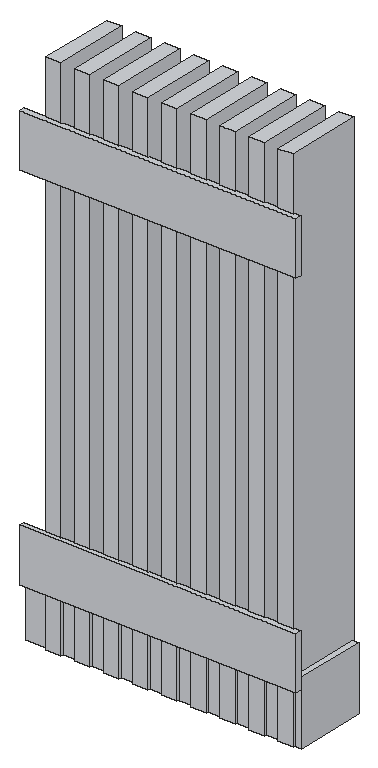
Revit family "GIS_Transformer_Radiator", category Modelos genéricos, Revit 2027
Family settings
  Pode hospedar o vergalhão = Não
  Cota do conector redondo = Utilizar diâmetro
  Tipo de parte = Normal
  Com base no plano de trabalho = Não
  Sempre na vertical = Sim
  Corte com vazios quando carregada = Não
  Manter orientação da anotação = Não
  Compartilhado = Não
  Ponto de cálculo do ambiente = Não
Parameters (values of type "TR_RADIATOR_STUDY")
  Elevação padrão = 0 mm
  BIM_TensaoSecundaria_kV = 0
  BIM_TensaoNominal_kV = 0
  BIM_TensaoClasse_kV = 0
  BIM_TensaoClasseSecundaria_kV = 0
  BIM_TensaoAuxiliarCA_kV = 0
  BIM_Sistema_Elemento [instance] = ""
  BIM_ReferenciaCatalogo = "Portfolio estimate; cooling data pending transformer datasheet"
  BIM_Profundidade = 320 mm
  BIM_Potencia_MVA = 0
  BIM_Localizacao [instance] = ""
  BIM_Largura = 1250 mm
  BIM_Impedancia_pu = 0
  BIM_FonteGeometria = "Portfolio estimate; cooling data pending transformer datasheet"
  BIM_Fabricante = "NAO SELECIONADO"
  BIM_EstadoGeometria = "ESTIMATED"
  BIM_EstadoEspecificacao = "PREMISSA / NAO SELECIONADO"
  BIM_DescricaoEstudo = "Banco de radiadores conceitual; area e perda termica nao selecionadas."
  BIM_CorrenteReferenciaSecundaria_A = 0
  BIM_CorrenteNominal_A = 0
  BIM_Bay [instance] = ""
  BIM_AlturaCorpoPrincipal = 288 mm
  BIM_Altura = 2400 mm
Reference planes
  plane 1 "Centro (Frente/Trás)": y = 0
  plane 2: z = 0
  plane 3 "Centro (Esquerda/Direita)": x = 0
  plane 4 "BIM Left": x = -625
  plane 5 "BIM Right": x = 625
  plane 6 "BIM Front": y = -160
  plane 7 "BIM Back": y = 160
Forms (mm)
  Extrusion 1, solid
    sketch origin (0, 0, 0) x (1, 0, 0) y (0, 1, 0)
      loop
        line (-625, -160) -> (625, -160) -> (625, 160) -> (-625, 160) -> (-625, -160)
    from 0 to 288 <- "BIM_AlturaCorpoPrincipal"
  Extrusion 2, solid
    sketch origin (0, 0, 0) x (1, 0, 0) y (0, 1, 0)
      loop
        line (-525, -170.668) -> (-456.25, -170.668) -> (-456.25, 170.668) -> (-525, 170.668) -> (-525, -170.668)
    from 0 to 2400
  Extrusion 3, solid
    sketch origin (0, 0, 0) x (1, 0, 0) y (0, 1, 0)
      loop
        line (-393.75, -170.668) -> (-325, -170.668) -> (-325, 170.668) -> (-393.75, 170.668) -> (-393.75, -170.668)
    from 0 to 2400
  Extrusion 4, solid
    sketch origin (0, 0, 0) x (1, 0, 0) y (0, 1, 0)
      loop
        line (-262.5, -170.668) -> (-193.75, -170.668) -> (-193.75, 170.668) -> (-262.5, 170.668) -> (-262.5, -170.668)
    from 0 to 2400
  Extrusion 5, solid
    sketch origin (0, 0, 0) x (1, 0, 0) y (0, 1, 0)
      loop
        line (-131.25, -170.668) -> (-62.5, -170.668) -> (-62.5, 170.668) -> (-131.25, 170.668) -> (-131.25, -170.668)
    from 0 to 2400
  Extrusion 6, solid
    sketch origin (0, 0, 0) x (1, 0, 0) y (0, 1, 0)
      loop
        line (0, -170.668) -> (68.75, -170.668) -> (68.75, 170.668) -> (0, 170.668) -> (0, -170.668)
    from 0 to 2400
  Extrusion 7, solid
    sketch origin (0, 0, 0) x (1, 0, 0) y (0, 1, 0)
      loop
        line (131.25, -170.668) -> (200, -170.668) -> (200, 170.668) -> (131.25, 170.668) -> (131.25, -170.668)
    from 0 to 2400
  Extrusion 8, solid
    sketch origin (0, 0, 0) x (1, 0, 0) y (0, 1, 0)
      loop
        line (262.5, -170.668) -> (331.25, -170.668) -> (331.25, 170.668) -> (262.5, 170.668) -> (262.5, -170.668)
    from 0 to 2400
  Extrusion 9, solid
    sketch origin (0, 0, 0) x (1, 0, 0) y (0, 1, 0)
      loop
        line (393.75, -170.668) -> (462.5, -170.668) -> (462.5, 170.668) -> (393.75, 170.668) -> (393.75, -170.668)
    from 0 to 2400
  Extrusion 10, solid
    sketch origin (0, 0, 0) x (1, 0, 0) y (0, 1, 0)
      loop
        line (525, -170.668) -> (593.75, -170.668) -> (593.75, 170.668) -> (525, 170.668) -> (525, -170.668)
    from 0 to 2400
  Extrusion 11, solid
    sketch origin (0, 0, 240) x (1, 0, 0) y (0, 1, 0)
      loop
        line (-625, -193.528) -> (625, -193.528) -> (625, -169.144) -> (-625, -169.144) -> (-625, -193.528)
    from 0 to 240
  Extrusion 12, solid
    sketch origin (0, 0, 1920) x (1, 0, 0) y (0, 1, 0)
      loop
        line (-625, -193.528) -> (625, -193.528) -> (625, -169.144) -> (-625, -169.144) -> (-625, -193.528)
    from 0 to 240
Dimensions and locks
  "BIM_Largura": plane 4 "BIM Left" to plane 5 "BIM Right"
  "BIM_Profundidade": plane 6 "BIM Front" to plane 7 "BIM Back"
  aligned and locked: level to plane 2
  aligned and locked: plane 4 "BIM Left" to Extrusion 1
  aligned and locked: Extrusion 1 to plane 5 "BIM Right"
  aligned and locked: Extrusion 1 to plane 6 "BIM Front"
  aligned and locked: plane 7 "BIM Back" to Extrusion 1
Automatic sketch dimensions
  Extrusion 1 sketch curve to plane 4 "BIM Left" = 0 mm
  Extrusion 1 sketch curve to plane 5 "BIM Right" = 0 mm
  Extrusion 1 sketch curve to plane 6 "BIM Front" = 0 mm
  Extrusion 1 sketch curve to plane 7 "BIM Back" = 0 mm
  Extrusion 2 sketch curve to plane 6 "BIM Front" = 10.668 mm
  Extrusion 2 sketch curve to plane 4 "BIM Left" = 100 mm
  plane 7 "BIM Back" to Extrusion 2 sketch curve = 10.668 mm
  Extrusion 2 sketch curve to Extrusion 2 sketch curve = 68.75 mm
  Extrusion 3 sketch curve to plane 6 "BIM Front" = 10.668 mm
  Extrusion 3 sketch curve to plane 4 "BIM Left" = 231.25 mm
  plane 7 "BIM Back" to Extrusion 3 sketch curve = 10.668 mm
  Extrusion 3 sketch curve to Extrusion 3 sketch curve = 68.75 mm
  Extrusion 4 sketch curve to plane 6 "BIM Front" = 10.668 mm
  Extrusion 4 sketch curve to plane 3 "Centro (Esquerda/Direita)" = 262.5 mm
  plane 7 "BIM Back" to Extrusion 4 sketch curve = 10.668 mm
  Extrusion 4 sketch curve to Extrusion 4 sketch curve = 68.75 mm
  Extrusion 5 sketch curve to plane 6 "BIM Front" = 10.668 mm
  Extrusion 5 sketch curve to plane 3 "Centro (Esquerda/Direita)" = 131.25 mm
  plane 7 "BIM Back" to Extrusion 5 sketch curve = 10.668 mm
  Extrusion 5 sketch curve to plane 3 "Centro (Esquerda/Direita)" = 62.5 mm
  Extrusion 6 sketch curve to plane 3 "Centro (Esquerda/Direita)" = 0 mm
  plane 7 "BIM Back" to Extrusion 6 sketch curve = 10.668 mm
  plane 3 "Centro (Esquerda/Direita)" to Extrusion 6 sketch curve = 68.75 mm
  Extrusion 6 sketch curve to plane 6 "BIM Front" = 10.668 mm
  Extrusion 7 sketch curve to plane 6 "BIM Front" = 10.668 mm
  plane 3 "Centro (Esquerda/Direita)" to Extrusion 7 sketch curve = 131.25 mm
  plane 7 "BIM Back" to Extrusion 7 sketch curve = 10.668 mm
  Extrusion 7 sketch curve to Extrusion 7 sketch curve = 68.75 mm
  Extrusion 8 sketch curve to plane 6 "BIM Front" = 10.668 mm
  plane 3 "Centro (Esquerda/Direita)" to Extrusion 8 sketch curve = 262.5 mm
  plane 7 "BIM Back" to Extrusion 8 sketch curve = 10.668 mm
  Extrusion 8 sketch curve to Extrusion 8 sketch curve = 68.75 mm
  Extrusion 9 sketch curve to plane 6 "BIM Front" = 10.668 mm
  plane 5 "BIM Right" to Extrusion 9 sketch curve = 231.25 mm
  plane 7 "BIM Back" to Extrusion 9 sketch curve = 10.668 mm
  Extrusion 9 sketch curve to Extrusion 9 sketch curve = 68.75 mm
  Extrusion 10 sketch curve to plane 6 "BIM Front" = 10.668 mm
  plane 5 "BIM Right" to Extrusion 10 sketch curve = 100 mm
  plane 7 "BIM Back" to Extrusion 10 sketch curve = 10.668 mm
  plane 5 "BIM Right" to Extrusion 10 sketch curve = 31.25 mm
  Extrusion 11 sketch curve to plane 4 "BIM Left" = 0 mm
  Extrusion 11 sketch curve to plane 5 "BIM Right" = 0 mm
  Extrusion 11 sketch curve to plane 6 "BIM Front" = 33.528 mm
  Extrusion 11 sketch curve to plane 6 "BIM Front" = 9.144 mm
  Extrusion 12 sketch curve to plane 4 "BIM Left" = 0 mm
  Extrusion 12 sketch curve to plane 5 "BIM Right" = 0 mm
  Extrusion 12 sketch curve to plane 6 "BIM Front" = 33.528 mm
  Extrusion 12 sketch curve to plane 6 "BIM Front" = 9.144 mm
